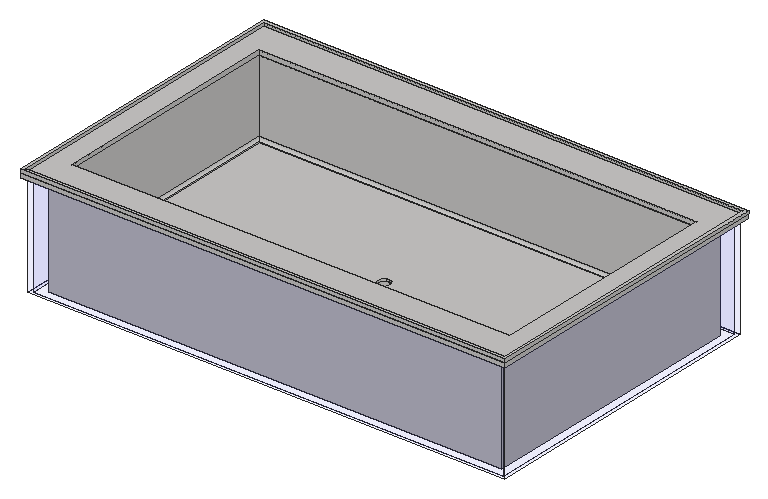
Revit family "QF_Vollrath_36490R_cat", category Specialty Equipment, Revit 2016
Family settings
  Part Type = Normal
  Round Connector Dimension = Use Diameter
  OmniClass Number = 23.40.40.14.14
  OmniClass Title = Food Preparation Equipment
  Work Plane-Based = No
  Always vertical = Yes
  Cut with Voids When Loaded = No
  Shared = No
  Room Calculation Point = No
Parameters (values of type "Requires Type Catalog QF_Vollrath_36490R_cat.txt")
  Overall Width A = 3' - 5 1/2"
  Weight in Pounds = 0
  Waste Water Discharge Temperature = -459.67 °F
  URL Cutsheet = ""
  URL = "www.vollrathco.com"
  Status [instance] = ""
  Specification by User [instance] = ""
  Specification by Manufacturer [instance] = ""
  Serial Number [instance] = ""
  Seismic Rating [instance] = ""
  SMACNA No [instance] = ""
  Revision Code [instance] = ""
  Plumbing Remarks [instance] = ""
  Plumbing Connection Type [instance] = ""
  NAFEM Spec ID Number [instance] = ""
  Model = "-"
  Masterspec [instance] = ""
  Manufacturer = "Vollrath"
  Item Number [instance] = "-"
  Installed By [instance] = ""
  Indirect Waste Size = 1"
  Indirect Waste Flow [instance] = 0.00 GPM
  Indirect Waste Connection Type [instance] = ""
  Indirect Waste Connection Height [instance] = Height AFF - 1' 2 5/8"  # 1' - 9 3/8"
  Height AFF [instance] = 3' - 0"
  Half Display Width = Display Width D / 2  # 1' - 6 3/4"
  Furnished By [instance] = ""
  Foodservice Equipment Identifier [instance] = yes
  Display Width D = 3' - 1 1/2"
  Description = "Refrigerated Cold Pan Drop-In"
  CSI MasterFormat = "11 42 00"
  Assembly Code = "E1090320"
Reference planes (in)
  plane 1 "BACK": y = 0
  plane 2: z = 0
  plane 3 "LEFT": x = -26.28536
  plane 4 "RIGHT": x = 15.21464
  plane 5 "FRONT": y = -26
  plane 6: y = -13
  plane 7: y = -1.5
  plane 8: y = -3
  plane 9: y = -24.5
  plane 10: y = -23
  plane 11 "Back of Unit": y = -3.5
  plane 12 "Front of Unit": y = -22.5
  plane 13: x = -24.78536
  plane 14: x = -24.28536
  plane 15: x = 13.21464
  plane 16: x = 13.71464
  plane 17: x = -5.53536
  plane 18 "Table Top": z = 36
  plane 19 "TOP": z = 36.375
  plane 20 "Outer Bottom": z = 27.125
  plane 21 "Drain": z = 21.375
  plane 22 "Well Bottom": z = 29.375
  plane 23 "Ledge": z = 33.375
Forms (in)
  Extrusion 1, solid, material "QF_Finishes_Stainless Steel"
    sketch origin (0, 0, 36.375) x (0, 1, 0) y (-1, 0, 0)
      loop
        line (0, 26.28536) -> (-26, 26.28536) -> (-26, -15.21464) -> (0, -15.21464) -> (0, 26.28536)
      loop
        line (-3, 24.28536) -> (-23, 24.28536) -> (-23, -13.21464) -> (-3, -13.21464) -> (-3, 24.28536)
    from 0 to -0.375
  Extrusion 2, solid, material "QF_Finishes_Stainless Steel"
    sketch origin (0, 0, 36) x (0, 1, 0) y (-1, 0, 0)
      loop
        line (-1.5, 24.78536) -> (-24.5, 24.78536) -> (-24.5, -13.71464) -> (-1.5, -13.71464) -> (-1.5, 24.78536)
      loop
        line (-1.375, 24.91036) -> (-24.625, 24.91036) -> (-24.625, -13.83964) -> (-1.375, -13.83964) -> (-1.375, 24.91036)
    from 0 to -8.875
  Extrusion 3, solid, material "QF_Finishes_Stainless Steel"
    sketch origin (0, 0, 21.375) x (0, 1, 0) y (-1, 0, 0)
      loop
        circle (-13, 5.53536) r 0.5
      loop
        circle (-13, 5.53536) r 0.625
    from 0 to 8
  Sweep 4, solid, material "QF_Finishes_Stainless Steel"
    path origin (0, 0, 36) x (0, 1, 0) y (-1, 0, 0)
      loop
        line (-3, 24.28536) -> (-23, 24.28536) -> (-23, -13.21464) -> (-3, -13.21464) -> (-3, 24.28536)
    profile origin (-5.53536, -3, 36) x (0, 1, 0) y (0, 0, 1)
      loop
        line (0, 0) -> (0, -6.25)
        arc (0, -6.25) -> (-0.07322, -6.42678) -> (-0.25, -6.5) r 0.25
        line (-0.25, -6.5) -> (-0.25, -6.625)
        arc (-0.25, -6.625) -> (0.01517, -6.51517) -> (0.125, -6.25) r 0.375
        line (0.125, -6.25) -> (0.125, 0) -> (0, 0)
  Extrusion 5, solid, material "QF_Finishes_Stainless Steel"
    sketch origin (0, 0, 29.375) x (0, 1, 0) y (-1, 0, 0)
      loop
        line (-3.25, 24.03536) -> (-22.75, 24.03536) -> (-22.75, -12.96464) -> (-3.25, -12.96464) -> (-3.25, 24.03536)
      loop
        circle (-13, 5.53536) r 0.5
    from 0 to 0.125
  Extrusion 6, solid, material "QF_Finishes_Stainless Steel"
    sketch origin (-240, 61.81835, 27.125) x (0, 1, 0) y (-1, 0, 0)
      loop
        line (-63.31835, -215.21464) -> (-86.31835, -215.21464) -> (-86.31835, -253.71464) -> (-63.31835, -253.71464) -> (-63.31835, -215.21464)
      loop
        circle (-74.81835, -234.46464) r 0.5
    from 0 to 0.125
  Extrusion 7, solid, material "QF_Finishes_Clearances"
    sketch origin (0, 0, 36) x (0, 1, 0) y (-1, 0, 0)
      loop
        line (-0.375, 25.91036) -> (-25.625, 25.91036) -> (-25.625, -14.83964) -> (-0.375, -14.83964) -> (-0.375, 25.91036)
      loop
        line (-0.625, 25.66036) -> (-25.375, 25.66036) -> (-25.375, -14.58964) -> (-0.625, -14.58964) -> (-0.625, 25.66036)
    from 0 to -8.875
  Extrusion 8, solid, material "QF_Finishes_Stainless Steel"
    sketch origin (0, 0, 36.375) x (0, 1, 0) y (-1, 0, 0)
      loop
        line (0, 26.28536) -> (-26, 26.28536) -> (-26, -15.21464) -> (0, -15.21464) -> (0, 26.28536)
      loop
        line (-0.25, 26.03536) -> (-25.75, 26.03536) -> (-25.75, -14.96464) -> (-0.25, -14.96464) -> (-0.25, 26.03536)
    from 0 to 0.25
Lines and regions (in)
  symbolic lines
    curve 1: line (-26.28536, 0, 11.5) -> (15.21464, 0, 11.5)
    curve 2: line (-26.28536, -26, 11.5) -> (-26.28536, 0, 11.5)
    curve 3: line (15.21464, -26, 11.5) -> (-26.28536, -26, 11.5)
    curve 4: line (15.21464, 0, 11.5) -> (15.21464, -26, 11.5)
    curve 5: line (-24.28536, -3, 33.375) -> (13.21464, -3, 33.375)
    curve 6: line (-24.28536, -23, 33.375) -> (-24.28536, -3, 33.375)
    curve 7: line (13.21464, -3, 33.375) -> (13.21464, -23, 33.375)
    curve 8: line (13.21464, -23, 33.375) -> (-24.28536, -23, 33.375)
    curve 9: arc (-5.53536, -13.5, 33.375) -> (-6.03536, -13, 33.375) -> (-5.53536, -12.5, 33.375) r 0.5
    curve 10: arc (-5.53536, -12.5, 33.375) -> (-5.03536, -13, 33.375) -> (-5.53536, -13.5, 33.375) r 0.5
  model lines, style "QF_Cutout"
    curve 11: line (-25.91036, -0.375, 36.375) -> (-25.91036, -0.375, 42.375)
    curve 12: line (14.83964, -0.375, 36.375) -> (14.83964, -0.375, 42.375)
    curve 13: line (-25.91036, -25.625, 36.375) -> (-25.91036, -25.625, 42.375)
    curve 14: line (14.83964, -25.625, 36.375) -> (14.83964, -25.625, 42.375)
Dimensions and locks (in)
  "Overall Width A": plane 3 "LEFT" to plane 4 "RIGHT"
  locked: plane 5 "FRONT" to plane 1 "BACK" at 26
  equal spacing: plane 5 "FRONT", plane 6, plane 1 "BACK"
  locked: plane 1 "BACK" to plane 7 at 1.5
  locked: plane 7 to plane 8 at 1.5
  locked: plane 5 "FRONT" to plane 9 at 1.5
  locked: plane 10 to plane 9 at 1.5
  plane 11 "Back of Unit" to plane 6 to plane 12 "Front of Unit" = 0' - 9 1/2" locked, 0' - 9 1/2" locked
  locked: plane 3 "LEFT" to plane 13 at 1.5
  locked: plane 16 to plane 4 "RIGHT" at 1.5
  "Height AFF": plane 18 "Table Top" to level
  locked: plane 19 "TOP" to plane 18 "Table Top" at 0.375
  plane 18 "Table Top" to plane 20 "Outer Bottom" = 0' - 8 7/8"
  plane 20 "Outer Bottom" to plane 21 "Drain" = 0' - 5 3/4"
  equal spacing: plane 3 "LEFT", plane 17, plane 4 "RIGHT"
  "Half Display Width": plane 14 to plane 17
  "Half Display Width": plane 17 to plane 15
  locked: plane 18 "Table Top" to plane 22 "Well Bottom" at 6.625
  locked: plane 19 "TOP" to plane 23 "Ledge" at 3
  locked: plane 3 "LEFT" to Extrusion 7 sketch curve at 0.375
  locked: plane 3 "LEFT" to Extrusion 7 sketch curve at 0.625
  locked: Extrusion 7 sketch curve to plane 1 "BACK" at 0.375
  locked: Extrusion 7 sketch curve to plane 1 "BACK" at 0.625
  locked: Extrusion 7 sketch curve to plane 5 "FRONT" at 0.625
  locked: plane 5 "FRONT" to Extrusion 7 sketch curve at 0.375
  locked: Extrusion 7 sketch curve to plane 4 "RIGHT" at 0.625
  locked: Extrusion 7 sketch curve to plane 4 "RIGHT" at 0.375
  locked: plane 3 "LEFT" to Extrusion 8 sketch curve at 0.25
  locked: Extrusion 8 sketch curve to plane 1 "BACK" at 0.25
  locked: Extrusion 8 sketch curve to plane 5 "FRONT" at 0.25
  locked: Extrusion 8 sketch curve to plane 4 "RIGHT" at 0.25
  aligned and locked: level to plane 2
  aligned and locked: plane 1 "BACK" to Extrusion 1 sketch curve
  aligned and locked: plane 3 "LEFT" to Extrusion 1 sketch curve
  aligned and locked: Extrusion 1 sketch curve to plane 5 "FRONT"
  aligned and locked: Extrusion 1 sketch curve to plane 4 "RIGHT"
  aligned and locked: Extrusion 1 to plane 18 "Table Top"
  aligned and locked: Extrusion 2 sketch curve to plane 7
  aligned and locked: plane 13 to Extrusion 2 sketch curve
  aligned and locked: plane 9 to Extrusion 2 sketch curve
  aligned and locked: Extrusion 2 sketch curve to plane 16
  aligned and locked: Extrusion 2 to plane 20 "Outer Bottom"
  aligned: plane 20 "Outer Bottom" to Extrusion 3
  aligned and locked: plane 3 "LEFT" to curve 2
  aligned and locked: plane 1 "BACK" to curve 1
  aligned and locked: curve 3 to plane 5 "FRONT"
  aligned and locked: curve 4 to plane 4 "RIGHT"
  aligned and locked: Extrusion 1 sketch curve to plane 8
  aligned and locked: plane 14 to Extrusion 1 sketch curve
  aligned and locked: plane 10 to Extrusion 1 sketch curve
  aligned and locked: Extrusion 1 sketch curve to plane 15
  aligned and locked: Sweep 4 sketch curve to plane 8
  aligned and locked: plane 14 to Sweep 4 sketch curve
  aligned and locked: plane 10 to Sweep 4 sketch curve
  aligned and locked: Sweep 4 sketch curve to plane 15
  aligned and locked: plane 18 "Table Top" to Sweep 4 sketch curve
  aligned and locked: Sweep 4 to Extrusion 5 sketch curve  (x4)
  aligned and locked: plane 22 "Well Bottom" to Extrusion 3
  aligned and locked: Extrusion 6 sketch curve to plane 7
  aligned and locked: plane 13 to Extrusion 6 sketch curve
  aligned and locked: plane 9 to Extrusion 6 sketch curve
  aligned and locked: Extrusion 6 sketch curve to plane 16
  aligned and locked: Extrusion 7 to plane 20 "Outer Bottom"
  aligned and locked: plane 1 "BACK" to Extrusion 8 sketch curve
  aligned and locked: plane 3 "LEFT" to Extrusion 8 sketch curve
  aligned and locked: Extrusion 8 sketch curve to plane 5 "FRONT"
  aligned and locked: Extrusion 8 sketch curve to plane 4 "RIGHT"
Automatic sketch dimensions
  plane 16 to Extrusion 2 sketch curve = 0' - 0 1/8"
  plane 7 to Extrusion 2 sketch curve = 0' - 0 1/8"
  Extrusion 2 sketch curve to plane 13 = 0' - 0 1/8"
  Extrusion 2 sketch curve to plane 9 = 0' - 0 1/8"
  Extrusion 3 sketch curve to plane 6 = 0' - 0"
  Extrusion 3 sketch curve to plane 17 = 0' - 0"
  Extrusion 3 sketch curve to Extrusion 3 sketch curve = 0' - 0"  (x2)
  Extrusion 6 sketch curve to plane 6 = 0' - 0"
  Extrusion 6 sketch curve to plane 17 = 0' - 0"
  curve 5 to plane 8 = 0' - 0"
  curve 9 to plane 17 = 0' - 0"
  curve 10 to plane 6 = 0' - 0"
  curve 9 to plane 6 = 0' - 0 1/2"
  curve 6 to plane 14 = 0' - 0"
  curve 8 to plane 10 = 0' - 0"
  curve 8 to plane 15 = 0' - 0"
  Sweep 4 sketch curve to Sweep 4 sketch curve = 0' - 0"  (x2)
  Sweep 4 sketch curve to profile plane = 0' - 0"
  profile plane to Sweep 4 sketch curve = 0' - 0 1/4"
  Sweep 4 sketch curve to Sweep 4 sketch curve = 0' - 0 1/8"
  Sweep 4 sketch curve to plane 18 "Table Top" = 0' - 6 1/4"
  Extrusion 5 sketch curve to plane 6 = 0' - 0"
  Extrusion 5 sketch curve to plane 17 = 0' - 0"
  Extrusion 7 to curve 11 = 0' - 0"
  Extrusion 7 to curve 12 = 0' - 0"
  curve 11 to Extrusion 7 = 0' - 6 3/8"
  curve 12 to Extrusion 7 = 0' - 6 3/8"
  curve 12 to Extrusion 7 = 0' - 0 3/8"
  curve 11 to Extrusion 7 = 0' - 0 3/8"
  curve 14 to Extrusion 7 = 0' - 0"
  curve 13 to Extrusion 7 = 0' - 0"
  curve 13 to Extrusion 7 = 0' - 6 3/8"
  curve 14 to Extrusion 7 = 0' - 6 3/8"
  curve 14 to Extrusion 7 = 0' - 0 3/8"
  curve 13 to Extrusion 7 = 0' - 0 3/8"
  radius of Extrusion 3 sketch curve = 0' - 0 1/2"
  radius of Extrusion 3 sketch curve = 0' - 0 5/8"
  radius of Extrusion 6 sketch curve = 0' - 0 1/2"
  radius of Extrusion 5 sketch curve = 0' - 0 1/2"
Connectors (in)
  piping at (-5.53536, -13, 21.375), diameter 1, driven by "Indirect Waste Flow"
    settings: on Extrusion 3, index 2, connector inside diameter 1", connector length 0' - 0", flow factor 0, pipe flow 0.00 GPM, pressure drop 0.00 psi, fitting loss kfactor 0, connector angle 0.00°, fixture units 0, engagement length 0' - 0", angle of deflection 0.00°, flow configuration 1, flow direction 2, fitting loss method 0, system type 16, joint type 0, gender type 0, connector reference index -1, connector utility 0, adjustable connector no, is connector primary yes, connector description "Indirect Waste"
